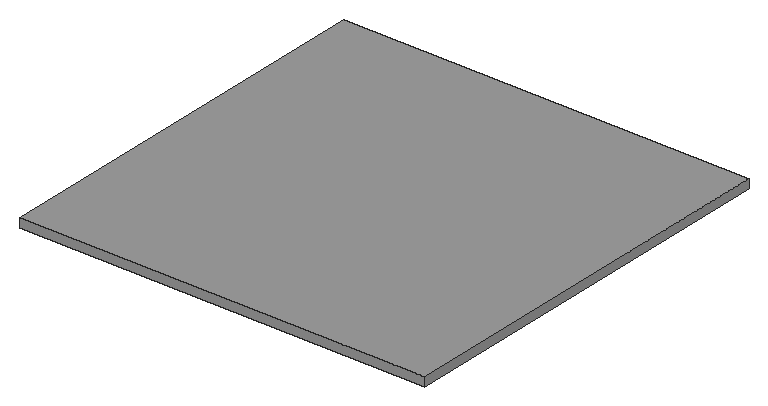
Revit family "WM-MN Suspended Ceiling 90mm Family", category Generic Models, host Ceiling, Revit 2017
Family settings
  Host = Ceiling
  Can host rebar = No
  Round Connector Dimension = Use Diameter
  Part Type = Normal
  Always vertical = Yes
  Cut with Voids When Loaded = No
  Shared = No
  Room Calculation Point = No
Parameters (values of type "Lambdaboard")
  Width = 4000 mm
  URL = "www.rigifoam.com"
  Type Comments = "duncan@rigifoam.com"
  Thermal Resistance = 3.7500 (m²·K)/W
  Thermal Conductivity = 0.0240 W/(m·K)
  Model = "WM/MN Suspended Ceiling 90mm"
  Material = Polyisocyanurate
  Manufacturer = "Lambdaboard"
  Length = 4000 mm
  Description = "Flexible PIR Insulation"
  Depth = 90 mm
  Density = 40.0000 kg/m³
Reference planes
  plane 1 "Center (Front/Back)": y = 0
  plane 2: z = 0
  plane 3 "Center (Left/Right)": x = 0
  plane 4 "Ceiling": z = 4000
Forms (mm)
  Extrusion 1, solid, material "Polyisocyanurate" <- "Material"
    sketch origin (0, 0, 4000) x (0, 1, 0) y (-1, 0, 0)
      loop
        line (2000, 2000) -> (-2000, 2000) -> (-2000, -2000) -> (2000, -2000) -> (2000, 2000)
    from -90 to 0
Dimensions and locks
  equal spacing: host sketch curve, plane 3 "Center (Left/Right)", host sketch curve
  equal spacing: host sketch curve, plane 1 "Center (Front/Back)", host sketch curve
  host sketch curve to host sketch curve = 4000 mm  (x2)
  plane 4 "Ceiling" to host ceiling = 0 mm
  equal spacing: Extrusion 1, plane 3 "Center (Left/Right)", Extrusion 1
  "Length": Extrusion 1 to Extrusion 1
  "Width": Extrusion 1 to Extrusion 1
  "Depth": Extrusion 1 to Extrusion 1
Automatic sketch dimensions
  plane 1 "Center (Front/Back)" to Extrusion 1 sketch curve = 2000 mm
  Extrusion 1 sketch curve to plane 1 "Center (Front/Back)" = 2000 mm
  plane 3 "Center (Left/Right)" to Extrusion 1 sketch curve = 2000 mm
  Extrusion 1 sketch curve to plane 3 "Center (Left/Right)" = 2000 mm
